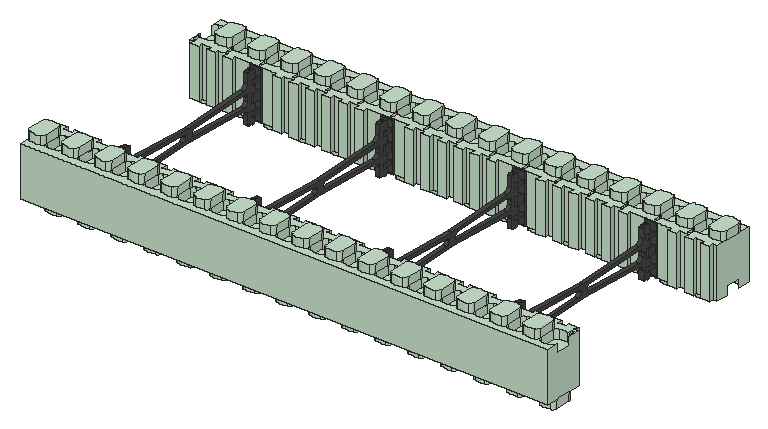
Revit family (continued)
Forms (in)
  Extrusion 51, void
    sketch origin (30, 15.25, 0) x (-1, 0, 0) y (0, -1, 0)
      loop
        arc (0, 0.72692) -> (0.04785, 0.57983) -> (0.17308, 0.48905) r 0.25
        arc (0.17308, 0.48905) -> (0.5, 0.4375) -> (0.82692, 0.48905) r 1.0625
        arc (0.82692, 0.48905) -> (0.95215, 0.57983) -> (1, 0.72692) r 0.25
        line (1, 0.72692) -> (1, 1.64808)
        arc (1, 1.64808) -> (0.95215, 1.79517) -> (0.82692, 1.88595) r 0.25
        arc (0.82692, 1.88595) -> (0.57908, 1.93455) -> (0.32677, 1.92328) r 1.0625
        arc (0.32677, 1.92328) -> (0.27615, 1.93729) -> (0.25408, 1.98495) r 0.0625
        line (0.25408, 1.98495) -> (0.25408, 2.20655)
    from 0 to 0.5
  Extrusion 52, void
    sketch origin (28, 15.25, 0) x (-1, 0, 0) y (0, -1, 0)
      loop
        line (0.25408, 2.20655) -> (0.08325, 2.20655) -> (0.08325, 1.86045)
        arc (0.08325, 1.86045) -> (0.07894, 1.83764) -> (0.0666, 1.81798) r 0.0625
        arc (0.0666, 1.81798) -> (0.01724, 1.73932) -> (0, 1.64808) r 0.25
        line (0, 1.64808) -> (0, 0.72692)
        arc (0, 0.72692) -> (0.04785, 0.57983) -> (0.17308, 0.48905) r 0.25
        arc (0.17308, 0.48905) -> (0.5, 0.4375) -> (0.82692, 0.48905) r 1.0625
        arc (0.82692, 0.48905) -> (0.95215, 0.57983) -> (1, 0.72692) r 0.25
        line (1, 0.72692) -> (1, 1.64808)
        arc (1, 1.64808) -> (0.95215, 1.79517) -> (0.82692, 1.88595) r 0.25
        arc (0.82692, 1.88595) -> (0.57908, 1.93455) -> (0.32677, 1.92328) r 1.0625
        arc (0.32677, 1.92328) -> (0.27615, 1.93729) -> (0.25408, 1.98495) r 0.0625
        line (0.25408, 1.98495) -> (0.25408, 2.20655)
    from 0 to 0.5
  Extrusion 53, void
    sketch origin (26, 15.25, 0) x (-1, 0, 0) y (0, -1, 0)
      loop
        line (0.25408, 2.20655) -> (0.08325, 2.20655) -> (0.08325, 1.86045)
        arc (0.08325, 1.86045) -> (0.07894, 1.83764) -> (0.0666, 1.81798) r 0.0625
        arc (0.0666, 1.81798) -> (0.01724, 1.73932) -> (0, 1.64808) r 0.25
        line (0, 1.64808) -> (0, 0.72692)
        arc (0, 0.72692) -> (0.04785, 0.57983) -> (0.17308, 0.48905) r 0.25
        arc (0.17308, 0.48905) -> (0.5, 0.4375) -> (0.82692, 0.48905) r 1.0625
        arc (0.82692, 0.48905) -> (0.95215, 0.57983) -> (1, 0.72692) r 0.25
        line (1, 0.72692) -> (1, 1.64808)
        arc (1, 1.64808) -> (0.95215, 1.79517) -> (0.82692, 1.88595) r 0.25
        arc (0.82692, 1.88595) -> (0.57908, 1.93455) -> (0.32677, 1.92328) r 1.0625
        arc (0.32677, 1.92328) -> (0.27615, 1.93729) -> (0.25408, 1.98495) r 0.0625
        line (0.25408, 1.98495) -> (0.25408, 2.20655)
    from 0 to 0.5
  Extrusion 54, void
    sketch origin (24, 15.25, 0) x (-1, 0, 0) y (0, -1, 0)
      loop
        line (0.25408, 2.20655) -> (0.08325, 2.20655) -> (0.08325, 1.86045)
        arc (0.08325, 1.86045) -> (0.07894, 1.83764) -> (0.0666, 1.81798) r 0.0625
        arc (0.0666, 1.81798) -> (0.01724, 1.73932) -> (0, 1.64808) r 0.25
        line (0, 1.64808) -> (0, 0.72692)
        arc (0, 0.72692) -> (0.04785, 0.57983) -> (0.17308, 0.48905) r 0.25
        arc (0.17308, 0.48905) -> (0.5, 0.4375) -> (0.82692, 0.48905) r 1.0625
        arc (0.82692, 0.48905) -> (0.95215, 0.57983) -> (1, 0.72692) r 0.25
        line (1, 0.72692) -> (1, 1.64808)
        arc (1, 1.64808) -> (0.95215, 1.79517) -> (0.82692, 1.88595) r 0.25
        arc (0.82692, 1.88595) -> (0.57908, 1.93455) -> (0.32677, 1.92328) r 1.0625
        arc (0.32677, 1.92328) -> (0.27615, 1.93729) -> (0.25408, 1.98495) r 0.0625
        line (0.25408, 1.98495) -> (0.25408, 2.20655)
    from 0 to 0.5
  Extrusion 55, void
    sketch origin (22, 15.25, 0) x (-1, 0, 0) y (0, -1, 0)
      loop
        line (0.25408, 2.20655) -> (0.08325, 2.20655) -> (0.08325, 1.86045)
        arc (0.08325, 1.86045) -> (0.07894, 1.83764) -> (0.0666, 1.81798) r 0.0625
        arc (0.0666, 1.81798) -> (0.01724, 1.73932) -> (0, 1.64808) r 0.25
        line (0, 1.64808) -> (0, 0.72692)
        arc (0, 0.72692) -> (0.04785, 0.57983) -> (0.17308, 0.48905) r 0.25
        arc (0.17308, 0.48905) -> (0.5, 0.4375) -> (0.82692, 0.48905) r 1.0625
        arc (0.82692, 0.48905) -> (0.95215, 0.57983) -> (1, 0.72692) r 0.25
        line (1, 0.72692) -> (1, 1.64808)
        arc (1, 1.64808) -> (0.95215, 1.79517) -> (0.82692, 1.88595) r 0.25
        arc (0.82692, 1.88595) -> (0.57908, 1.93455) -> (0.32677, 1.92328) r 1.0625
        arc (0.32677, 1.92328) -> (0.27615, 1.93729) -> (0.25408, 1.98495) r 0.0625
        line (0.25408, 1.98495) -> (0.25408, 2.20655)
    from 0 to 0.5
  Extrusion 56, void
    sketch origin (20, 15.25, 0) x (-1, 0, 0) y (0, -1, 0)
      loop
        line (0.25408, 2.20655) -> (0.08325, 2.20655) -> (0.08325, 1.86045)
        arc (0.08325, 1.86045) -> (0.07894, 1.83764) -> (0.0666, 1.81798) r 0.0625
        arc (0.0666, 1.81798) -> (0.01724, 1.73932) -> (0, 1.64808) r 0.25
        line (0, 1.64808) -> (0, 0.72692)
        arc (0, 0.72692) -> (0.04785, 0.57983) -> (0.17308, 0.48905) r 0.25
        arc (0.17308, 0.48905) -> (0.5, 0.4375) -> (0.82692, 0.48905) r 1.0625
        arc (0.82692, 0.48905) -> (0.95215, 0.57983) -> (1, 0.72692) r 0.25
        line (1, 0.72692) -> (1, 1.64808)
        arc (1, 1.64808) -> (0.95215, 1.79517) -> (0.82692, 1.88595) r 0.25
        arc (0.82692, 1.88595) -> (0.57908, 1.93455) -> (0.32677, 1.92328) r 1.0625
        arc (0.32677, 1.92328) -> (0.27615, 1.93729) -> (0.25408, 1.98495) r 0.0625
        line (0.25408, 1.98495) -> (0.25408, 2.20655)
    from 0 to 0.5
  Extrusion 57, void
    sketch origin (18, 15.25, 0) x (-1, 0, 0) y (0, -1, 0)
      loop
        line (0.25408, 2.20655) -> (0.08325, 2.20655) -> (0.08325, 1.86045)
        arc (0.08325, 1.86045) -> (0.07894, 1.83764) -> (0.0666, 1.81798) r 0.0625
        arc (0.0666, 1.81798) -> (0.01724, 1.73932) -> (0, 1.64808) r 0.25
        line (0, 1.64808) -> (0, 0.72692)
        arc (0, 0.72692) -> (0.04785, 0.57983) -> (0.17308, 0.48905) r 0.25
        arc (0.17308, 0.48905) -> (0.5, 0.4375) -> (0.82692, 0.48905) r 1.0625
        arc (0.82692, 0.48905) -> (0.95215, 0.57983) -> (1, 0.72692) r 0.25
        line (1, 0.72692) -> (1, 1.64808)
        arc (1, 1.64808) -> (0.95215, 1.79517) -> (0.82692, 1.88595) r 0.25
        arc (0.82692, 1.88595) -> (0.57908, 1.93455) -> (0.32677, 1.92328) r 1.0625
        arc (0.32677, 1.92328) -> (0.27615, 1.93729) -> (0.25408, 1.98495) r 0.0625
        line (0.25408, 1.98495) -> (0.25408, 2.20655)
    from 0 to 0.5
  Extrusion 58, void
    sketch origin (16, 15.25, 0) x (-1, 0, 0) y (0, -1, 0)
      loop
        line (0.25408, 2.20655) -> (0.08325, 2.20655) -> (0.08325, 1.86045)
        arc (0.08325, 1.86045) -> (0.07894, 1.83764) -> (0.0666, 1.81798) r 0.0625
        arc (0.0666, 1.81798) -> (0.01724, 1.73932) -> (0, 1.64808) r 0.25
        line (0, 1.64808) -> (0, 0.72692)
        arc (0, 0.72692) -> (0.04785, 0.57983) -> (0.17308, 0.48905) r 0.25
        arc (0.17308, 0.48905) -> (0.5, 0.4375) -> (0.82692, 0.48905) r 1.0625
        arc (0.82692, 0.48905) -> (0.95215, 0.57983) -> (1, 0.72692) r 0.25
        line (1, 0.72692) -> (1, 1.64808)
        arc (1, 1.64808) -> (0.95215, 1.79517) -> (0.82692, 1.88595) r 0.25
        arc (0.82692, 1.88595) -> (0.57908, 1.93455) -> (0.32677, 1.92328) r 1.0625
        arc (0.32677, 1.92328) -> (0.27615, 1.93729) -> (0.25408, 1.98495) r 0.0625
        line (0.25408, 1.98495) -> (0.25408, 2.20655)
    from 0 to 0.5
  Extrusion 59, void
    sketch origin (14, 15.25, 0) x (-1, 0, 0) y (0, -1, 0)
      loop
        line (0.25408, 2.20655) -> (0.08325, 2.20655) -> (0.08325, 1.86045)
        arc (0.08325, 1.86045) -> (0.07894, 1.83764) -> (0.0666, 1.81798) r 0.0625
        arc (0.0666, 1.81798) -> (0.01724, 1.73932) -> (0, 1.64808) r 0.25
        line (0, 1.64808) -> (0, 0.72692)
        arc (0, 0.72692) -> (0.04785, 0.57983) -> (0.17308, 0.48905) r 0.25
        arc (0.17308, 0.48905) -> (0.5, 0.4375) -> (0.82692, 0.48905) r 1.0625
        arc (0.82692, 0.48905) -> (0.95215, 0.57983) -> (1, 0.72692) r 0.25
        line (1, 0.72692) -> (1, 1.64808)
        arc (1, 1.64808) -> (0.95215, 1.79517) -> (0.82692, 1.88595) r 0.25
        arc (0.82692, 1.88595) -> (0.57908, 1.93455) -> (0.32677, 1.92328) r 1.0625
        arc (0.32677, 1.92328) -> (0.27615, 1.93729) -> (0.25408, 1.98495) r 0.0625
        line (0.25408, 1.98495) -> (0.25408, 2.20655)
    from 0 to 0.5
  Extrusion 60, void
    sketch origin (12, 15.25, 0) x (-1, 0, 0) y (0, -1, 0)
      loop
        line (0.25408, 2.20655) -> (0.08325, 2.20655) -> (0.08325, 1.86045)
        arc (0.08325, 1.86045) -> (0.07894, 1.83764) -> (0.0666, 1.81798) r 0.0625
        arc (0.0666, 1.81798) -> (0.01724, 1.73932) -> (0, 1.64808) r 0.25
        line (0, 1.64808) -> (0, 0.72692)
        arc (0, 0.72692) -> (0.04785, 0.57983) -> (0.17308, 0.48905) r 0.25
        arc (0.17308, 0.48905) -> (0.5, 0.4375) -> (0.82692, 0.48905) r 1.0625
        arc (0.82692, 0.48905) -> (0.95215, 0.57983) -> (1, 0.72692) r 0.25
        line (1, 0.72692) -> (1, 1.64808)
        arc (1, 1.64808) -> (0.95215, 1.79517) -> (0.82692, 1.88595) r 0.25
        arc (0.82692, 1.88595) -> (0.57908, 1.93455) -> (0.32677, 1.92328) r 1.0625
        arc (0.32677, 1.92328) -> (0.27615, 1.93729) -> (0.25408, 1.98495) r 0.0625
        line (0.25408, 1.98495) -> (0.25408, 2.20655)
    from 0 to 0.5
  Extrusion 61, void
    sketch origin (10, 15.25, 0) x (-1, 0, 0) y (0, -1, 0)
      loop
        line (0.25408, 2.20655) -> (0.08325, 2.20655) -> (0.08325, 1.86045)
        arc (0.08325, 1.86045) -> (0.07894, 1.83764) -> (0.0666, 1.81798) r 0.0625
        arc (0.0666, 1.81798) -> (0.01724, 1.73932) -> (0, 1.64808) r 0.25
        line (0, 1.64808) -> (0, 0.72692)
        arc (0, 0.72692) -> (0.04785, 0.57983) -> (0.17308, 0.48905) r 0.25
        arc (0.17308, 0.48905) -> (0.5, 0.4375) -> (0.82692, 0.48905) r 1.0625
        arc (0.82692, 0.48905) -> (0.95215, 0.57983) -> (1, 0.72692) r 0.25
        line (1, 0.72692) -> (1, 1.64808)
        arc (1, 1.64808) -> (0.95215, 1.79517) -> (0.82692, 1.88595) r 0.25
        arc (0.82692, 1.88595) -> (0.57908, 1.93455) -> (0.32677, 1.92328) r 1.0625
        arc (0.32677, 1.92328) -> (0.27615, 1.93729) -> (0.25408, 1.98495) r 0.0625
        line (0.25408, 1.98495) -> (0.25408, 2.20655)
    from 0 to 0.5
  Extrusion 62, void
    sketch origin (8, 15.25, 0) x (-1, 0, 0) y (0, -1, 0)
      loop
        line (0.25408, 2.20655) -> (0.08325, 2.20655) -> (0.08325, 1.86045)
        arc (0.08325, 1.86045) -> (0.07894, 1.83764) -> (0.0666, 1.81798) r 0.0625
        arc (0.0666, 1.81798) -> (0.01724, 1.73932) -> (0, 1.64808) r 0.25
        line (0, 1.64808) -> (0, 0.72692)
        arc (0, 0.72692) -> (0.04785, 0.57983) -> (0.17308, 0.48905) r 0.25
        arc (0.17308, 0.48905) -> (0.5, 0.4375) -> (0.82692, 0.48905) r 1.0625
        arc (0.82692, 0.48905) -> (0.95215, 0.57983) -> (1, 0.72692) r 0.25
        line (1, 0.72692) -> (1, 1.64808)
        arc (1, 1.64808) -> (0.95215, 1.79517) -> (0.82692, 1.88595) r 0.25
        arc (0.82692, 1.88595) -> (0.57908, 1.93455) -> (0.32677, 1.92328) r 1.0625
        arc (0.32677, 1.92328) -> (0.27615, 1.93729) -> (0.25408, 1.98495) r 0.0625
        line (0.25408, 1.98495) -> (0.25408, 2.20655)
    from 0 to 0.5
  Extrusion 63, void
    sketch origin (6, 15.25, 0) x (-1, 0, 0) y (0, -1, 0)
      loop
        line (0.25408, 2.20655) -> (0.08325, 2.20655) -> (0.08325, 1.86045)
        arc (0.08325, 1.86045) -> (0.07894, 1.83764) -> (0.0666, 1.81798) r 0.0625
        arc (0.0666, 1.81798) -> (0.01724, 1.73932) -> (0, 1.64808) r 0.25
        line (0, 1.64808) -> (0, 0.72692)
        arc (0, 0.72692) -> (0.04785, 0.57983) -> (0.17308, 0.48905) r 0.25
        arc (0.17308, 0.48905) -> (0.5, 0.4375) -> (0.82692, 0.48905) r 1.0625
        arc (0.82692, 0.48905) -> (0.95215, 0.57983) -> (1, 0.72692) r 0.25
        line (1, 0.72692) -> (1, 1.64808)
        arc (1, 1.64808) -> (0.95215, 1.79517) -> (0.82692, 1.88595) r 0.25
        arc (0.82692, 1.88595) -> (0.57908, 1.93455) -> (0.32677, 1.92328) r 1.0625
        arc (0.32677, 1.92328) -> (0.27615, 1.93729) -> (0.25408, 1.98495) r 0.0625
        line (0.25408, 1.98495) -> (0.25408, 2.20655)
    from 0 to 0.5
  Extrusion 64, void
    sketch origin (4, 15.25, 0) x (-1, 0, 0) y (0, -1, 0)
      loop
        line (0.25408, 2.20655) -> (0.08325, 2.20655) -> (0.08325, 1.86045)
        arc (0.08325, 1.86045) -> (0.07894, 1.83764) -> (0.0666, 1.81798) r 0.0625
        arc (0.0666, 1.81798) -> (0.01724, 1.73932) -> (0, 1.64808) r 0.25
        line (0, 1.64808) -> (0, 0.72692)
        arc (0, 0.72692) -> (0.04785, 0.57983) -> (0.17308, 0.48905) r 0.25
        arc (0.17308, 0.48905) -> (0.5, 0.4375) -> (0.82692, 0.48905) r 1.0625
        arc (0.82692, 0.48905) -> (0.95215, 0.57983) -> (1, 0.72692) r 0.25
        line (1, 0.72692) -> (1, 1.64808)
        arc (1, 1.64808) -> (0.95215, 1.79517) -> (0.82692, 1.88595) r 0.25
        arc (0.82692, 1.88595) -> (0.57908, 1.93455) -> (0.32677, 1.92328) r 1.0625
        arc (0.32677, 1.92328) -> (0.27615, 1.93729) -> (0.25408, 1.98495) r 0.0625
        line (0.25408, 1.98495) -> (0.25408, 2.20655)
    from 0 to 0.5
  Extrusion 65, void
    sketch origin (2, 15.25, 0) x (-1, 0, 0) y (0, -1, 0)
      loop
        line (0.25408, 2.20655) -> (0.08325, 2.20655) -> (0.08325, 1.86045)
        arc (0.08325, 1.86045) -> (0.07894, 1.83764) -> (0.0666, 1.81798) r 0.0625
        arc (0.0666, 1.81798) -> (0.01724, 1.73932) -> (0, 1.64808) r 0.25
        line (0, 1.64808) -> (0, 0.72692)
        arc (0, 0.72692) -> (0.04785, 0.57983) -> (0.17308, 0.48905) r 0.25
        arc (0.17308, 0.48905) -> (0.5, 0.4375) -> (0.82692, 0.48905) r 1.0625
        arc (0.82692, 0.48905) -> (0.95215, 0.57983) -> (1, 0.72692) r 0.25
        line (1, 0.72692) -> (1, 1.64808)
        arc (1, 1.64808) -> (0.95215, 1.79517) -> (0.82692, 1.88595) r 0.25
        arc (0.82692, 1.88595) -> (0.57908, 1.93455) -> (0.32677, 1.92328) r 1.0625
        arc (0.32677, 1.92328) -> (0.27615, 1.93729) -> (0.25408, 1.98495) r 0.0625
        line (0.25408, 1.98495) -> (0.25408, 2.20655)
    from 0 to 0.5
Cuts and joins
  Extrusion 2, Extrusion 3, Extrusion 4, Extrusion 5, Extrusion 6, Extrusion 7, Extrusion 8, Extrusion 9, Extrusion 10, Extrusion 11, Extrusion 12, Extrusion 13, Extrusion 14, Extrusion 15, Extrusion 16, Extrusion 17, Extrusion 18, Extrusion 19, Extrusion 20, Extrusion 21, Extrusion 22, Extrusion 23, Extrusion 24, Extrusion 25, Extrusion 26, Extrusion 27, Extrusion 28, Extrusion 29, Extrusion 30, Extrusion 31, Extrusion 32, Extrusion 33, Extrusion 34, Extrusion 35, Extrusion 36, Extrusion 37, Extrusion 38, Extrusion 39, Extrusion 40, Extrusion 41, Extrusion 42, Extrusion 43, Extrusion 44, Extrusion 45, Extrusion 46, Extrusion 47, Extrusion 48, Extrusion 49, Extrusion 50, Extrusion 51, Extrusion 52, Extrusion 53, Extrusion 54, Extrusion 55, Extrusion 56, Extrusion 57, Extrusion 58, Extrusion 59, Extrusion 60, Extrusion 61, Extrusion 62, Extrusion 63, Extrusion 64, Extrusion 65 cuts Extrusion 1
Dimensions and locks (in)
  locked: plane 3 "Center (Left/Right)" to plane 5 at 32
  locked: plane 5 to plane 3 "Center (Left/Right)" at 32
  locked: level to plane 6 at 3
  locked: plane 6 to level at 3
  locked: plane 4 to plane 1 "Center (Front/Back)" at 2.625
  plane 1 "Center (Front/Back)" to plane 4 to plane 7 to plane 8 = 0' - 2 5/8" locked, 0' - 10" locked, 0' - 2 5/8" locked
  aligned and locked: cut or joined group 1 (Extrusion 1, Extrusion 2, Extrusion 3, Extrusion 4, Extrusion 5, Extrusion 6, Extrusion 7, Extrusion 8, Extrusion 9, Extrusion 10, Extrusion 11, Extrusion 12, Extrusion 13, Extrusion 14, Extrusion 15, Extrusion 16, Extrusion 17, Extrusion 18, Extrusion 19, Extrusion 20, Extrusion 21, Extrusion 22, Extrusion 23, Extrusion 24, Extrusion 25, Extrusion 26, Extrusion 27, Extrusion 28, Extrusion 29, Extrusion 30, Extrusion 31, Extrusion 32, Extrusion 33, Extrusion 34, Extrusion 35, Extrusion 36, Extrusion 37, Extrusion 38, Extrusion 39, Extrusion 40, Extrusion 41, Extrusion 42, Extrusion 43, Extrusion 44, Extrusion 45, Extrusion 46, Extrusion 47, Extrusion 48, Extrusion 49, Extrusion 50, Extrusion 51, Extrusion 52, Extrusion 53, Extrusion 54, Extrusion 55, Extrusion 56, Extrusion 57, Extrusion 58, Extrusion 59, Extrusion 60, Extrusion 61, Extrusion 62, Extrusion 63, Extrusion 64, Extrusion 65) to nested 15
  aligned and locked: cut or joined group 1 to nested 14
  aligned and locked: cut or joined group 1 to nested 13
  aligned and locked: cut or joined group 1 to nested 12
  aligned and locked: cut or joined group 1 to nested 11
  aligned and locked: cut or joined group 1 to nested 10
  aligned and locked: cut or joined group 1 to nested 9
  aligned and locked: cut or joined group 1 to nested 8
  aligned and locked: cut or joined group 1 to nested 7
  aligned and locked: cut or joined group 1 to nested 6
  aligned and locked: cut or joined group 1 to nested 5
  aligned and locked: cut or joined group 1 to nested 3
  aligned and locked: cut or joined group 1 to nested 2
  aligned and locked: nested 1 to cut or joined group 1
  aligned and locked: cut or joined group 1 to nested 65
  aligned and locked: cut or joined group 1 to nested 68
  aligned and locked: cut or joined group 1 to nested 67
  aligned and locked: cut or joined group 1 to nested 66
  aligned: cut or joined group 1 to nested 65
Nested families (in)
  nested 1: "Interlock Tooth" at (0, 5.625, -15), type "Interlock Tooth"
  nested 2: "Interlock Tooth" at (2, 5.625, -15), type "Interlock Tooth"
  nested 3: "Interlock Tooth" at (4, 5.625, -15), type "Interlock Tooth"
  nested 4: "Interlock Tooth" at (6, 5.625, -15), type "Interlock Tooth"
  nested 5: "Interlock Tooth" at (8, 5.625, -15), type "Interlock Tooth"
  nested 6: "Interlock Tooth" at (10, 5.625, -15), type "Interlock Tooth"
  nested 7: "Interlock Tooth" at (12, 5.625, -15), type "Interlock Tooth"
  nested 8: "Interlock Tooth" at (14, 5.625, -15), type "Interlock Tooth"
  nested 9: "Interlock Tooth" at (16, 5.625, -15), type "Interlock Tooth"
  nested 10: "Interlock Tooth" at (18, 5.625, -15), type "Interlock Tooth"
  nested 11: "Interlock Tooth" at (20, 5.625, -15), type "Interlock Tooth"
  nested 12: "Interlock Tooth" at (22, 5.625, -15), type "Interlock Tooth"
  nested 13: "Interlock Tooth" at (24, 5.625, -15), type "Interlock Tooth"
  nested 14: "Interlock Tooth" at (26, 5.625, -15), type "Interlock Tooth"
  nested 15: "Interlock Tooth" at (28, 5.625, -15), type "Interlock Tooth"
  nested 16: "Interlock Tooth" at (30, 5.625, -15), type "Interlock Tooth"
  nested 17: "Interlock Tooth" at (3, 5.625, -18.5), type "Interlock Tooth"
  nested 18: "Interlock Tooth" at (5, 5.625, -18.5), type "Interlock Tooth"
  nested 19: "Interlock Tooth" at (7, 5.625, -18.5), type "Interlock Tooth"
  nested 20: "Interlock Tooth" at (9, 5.625, -18.5), type "Interlock Tooth"
  nested 21: "Interlock Tooth" at (1, 5.625, -18.5), type "Interlock Tooth"
  nested 22: "Interlock Tooth" at (11, 5.625, -18.5), type "Interlock Tooth"
  nested 23: "Interlock Tooth" at (13, 5.625, -18.5), type "Interlock Tooth"
  nested 24: "Interlock Tooth" at (15, 5.625, -18.5), type "Interlock Tooth"
  nested 25: "Interlock Tooth" at (17, 5.625, -18.5), type "Interlock Tooth"
  nested 26: "Interlock Tooth" at (19, 5.625, -18.5), type "Interlock Tooth"
  nested 27: "Interlock Tooth" at (21, 5.625, -18.5), type "Interlock Tooth"
  nested 28: "Interlock Tooth" at (23, 5.625, -18.5), type "Interlock Tooth"
  nested 29: "Interlock Tooth" at (25, 5.625, -18.5), type "Interlock Tooth"
  nested 30: "Interlock Tooth" at (27, 5.625, -18.5), type "Interlock Tooth"
  nested 31: "Interlock Tooth" at (29, 5.625, -18.5), type "Interlock Tooth"
  nested 32: "Interlock Tooth" at (31, 5.625, -18.5), type "Interlock Tooth"
  nested 33: "Interlock Tooth" at (32, 9.625, -15) x (-1, 0, 0) z (0, 0, 1), type "Interlock Tooth"
  nested 34: "Interlock Tooth" at (30, 9.625, -15) x (-1, 0, 0) z (0, 0, 1), type "Interlock Tooth"
  nested 35: "Interlock Tooth" at (28, 9.625, -15) x (-1, 0, 0) z (0, 0, 1), type "Interlock Tooth"
  nested 36: "Interlock Tooth" at (26, 9.625, -15) x (-1, 0, 0) z (0, 0, 1), type "Interlock Tooth"
  nested 37: "Interlock Tooth" at (24, 9.625, -15) x (-1, 0, 0) z (0, 0, 1), type "Interlock Tooth"
  nested 38: "Interlock Tooth" at (22, 9.625, -15) x (-1, 0, 0) z (0, 0, 1), type "Interlock Tooth"
  nested 39: "Interlock Tooth" at (20, 9.625, -15) x (-1, 0, 0) z (0, 0, 1), type "Interlock Tooth"
  nested 40: "Interlock Tooth" at (18, 9.625, -15) x (-1, 0, 0) z (0, 0, 1), type "Interlock Tooth"
  nested 41: "Interlock Tooth" at (16, 9.625, -15) x (-1, 0, 0) z (0, 0, 1), type "Interlock Tooth"
  nested 42: "Interlock Tooth" at (14, 9.625, -15) x (-1, 0, 0) z (0, 0, 1), type "Interlock Tooth"
  nested 43: "Interlock Tooth" at (12, 9.625, -15) x (-1, 0, 0) z (0, 0, 1), type "Interlock Tooth"
  nested 44: "Interlock Tooth" at (10, 9.625, -15) x (-1, 0, 0) z (0, 0, 1), type "Interlock Tooth"
  nested 45: "Interlock Tooth" at (8, 9.625, -15) x (-1, 0, 0) z (0, 0, 1), type "Interlock Tooth"
  nested 46: "Interlock Tooth" at (6, 9.625, -15) x (-1, 0, 0) z (0, 0, 1), type "Interlock Tooth"
  nested 47: "Interlock Tooth" at (4, 9.625, -15) x (-1, 0, 0) z (0, 0, 1), type "Interlock Tooth"
  nested 48: "Interlock Tooth" at (2, 9.625, -15) x (-1, 0, 0) z (0, 0, 1), type "Interlock Tooth"
  nested 49: "Interlock Tooth" at (29, 9.625, -18.5) x (-1, 0, 0) z (0, 0, 1), type "Interlock Tooth"
  nested 50: "Interlock Tooth" at (27, 9.625, -18.5) x (-1, 0, 0) z (0, 0, 1), type "Interlock Tooth"
  nested 51: "Interlock Tooth" at (25, 9.625, -18.5) x (-1, 0, 0) z (0, 0, 1), type "Interlock Tooth"
  nested 52: "Interlock Tooth" at (23, 9.625, -18.5) x (-1, 0, 0) z (0, 0, 1), type "Interlock Tooth"
  nested 53: "Interlock Tooth" at (31, 9.625, -18.5) x (-1, 0, 0) z (0, 0, 1), type "Interlock Tooth"
  nested 54: "Interlock Tooth" at (21, 9.625, -18.5) x (-1, 0, 0) z (0, 0, 1), type "Interlock Tooth"
  nested 55: "Interlock Tooth" at (19, 9.625, -18.5) x (-1, 0, 0) z (0, 0, 1), type "Interlock Tooth"
  nested 56: "Interlock Tooth" at (17, 9.625, -18.5) x (-1, 0, 0) z (0, 0, 1), type "Interlock Tooth"
  nested 57: "Interlock Tooth" at (15, 9.625, -18.5) x (-1, 0, 0) z (0, 0, 1), type "Interlock Tooth"
  nested 58: "Interlock Tooth" at (13, 9.625, -18.5) x (-1, 0, 0) z (0, 0, 1), type "Interlock Tooth"
  nested 59: "Interlock Tooth" at (11, 9.625, -18.5) x (-1, 0, 0) z (0, 0, 1), type "Interlock Tooth"
  nested 60: "Interlock Tooth" at (9, 9.625, -18.5) x (-1, 0, 0) z (0, 0, 1), type "Interlock Tooth"
  nested 61: "Interlock Tooth" at (7, 9.625, -18.5) x (-1, 0, 0) z (0, 0, 1), type "Interlock Tooth"
  nested 62: "Interlock Tooth" at (5, 9.625, -18.5) x (-1, 0, 0) z (0, 0, 1), type "Interlock Tooth"
  nested 63: "Interlock Tooth" at (3, 9.625, -18.5) x (-1, 0, 0) z (0, 0, 1), type "Interlock Tooth"
  nested 64: "Interlock Tooth" at (1, 9.625, -18.5) x (-1, 0, 0) z (0, 0, 1), type "Interlock Tooth"
  nested 65: "NUDURA Height Adjuster Diamond Pattern" at (24, 20.875, 0), type "NUDURA Height Adjuster Diamond Pattern"
  nested 66: "NUDURA Height Adjuster Diamond Pattern" at (16, 20.875, 0), type "NUDURA Height Adjuster Diamond Pattern"
  nested 67: "NUDURA Height Adjuster Diamond Pattern" at (8, 20.875, 0), type "NUDURA Height Adjuster Diamond Pattern"
  nested 68: "NUDURA Height Adjuster Diamond Pattern" at (0, 20.875, 0), type "NUDURA Height Adjuster Diamond Pattern"
  nested 69: "NUDURA Height Adjuster Diamond Pattern" at (24, -5.625, 0), type "NUDURA Height Adjuster Diamond Pattern"
  nested 70: "NUDURA Height Adjuster Diamond Pattern" at (16, -5.625, 0), type "NUDURA Height Adjuster Diamond Pattern"
  nested 71: "NUDURA Height Adjuster Diamond Pattern" at (8, -5.625, 0), type "NUDURA Height Adjuster Diamond Pattern"
  nested 72: "NUDURA Height Adjuster Diamond Pattern" at (0, -5.625, 0), type "NUDURA Height Adjuster Diamond Pattern"
  nested 73: "NUDURA 10-inch Height Adjuster Web" at (4, 7.625, 0), type "NUDURA 10-inch Height Adjuster Web"
  nested 74: "NUDURA 10-inch Height Adjuster Web" at (12, 7.625, 0), type "NUDURA 10-inch Height Adjuster Web"
  nested 75: "NUDURA 10-inch Height Adjuster Web" at (20, 7.625, 0), type "NUDURA 10-inch Height Adjuster Web"
  nested 76: "NUDURA 10-inch Height Adjuster Web" at (28, 7.625, 0), type "NUDURA 10-inch Height Adjuster Web"
Definition of nested family "Interlock Tooth"
  Reference planes (in)
    plane 1 "Center (Front/Back)": y = 0
    plane 2: z = 0
    plane 3 "Center (Left/Right)": x = 0
    plane 4: z = 18
    plane 5: z = 18.5
    plane 6: z = -0.5
  Forms (in)
    Extrusion 1, solid, material "NUDURA Expanded Polystyrene Foam Insulation"
      sketch origin (0, -8.875, 0) x (1, 0, 0) y (0, 1, 0)
        loop
          arc (0, 3.97692) -> (0.04785, 3.82983) -> (0.17308, 3.73905) r 0.25
          arc (0.17308, 3.73905) -> (0.5, 3.6875) -> (0.82692, 3.73905) r 1.0625
          arc (0.82692, 3.73905) -> (0.95215, 3.82983) -> (1, 3.97692) r 0.25
          line (1, 3.97692) -> (1, 4.89808)
          arc (1, 4.89808) -> (0.95215, 5.04517) -> (0.82692, 5.13595) r 0.25
          arc (0.82692, 5.13595) -> (0.5, 5.1875) -> (0.17308, 5.13595) r 1.0625
          arc (0.17308, 5.13595) -> (0.04785, 5.04517) -> (0, 4.89808) r 0.25
          line (0, 4.89808) -> (0, 3.97692)
      from 18 to 18.5
  Dimensions and locks (in)
    locked: plane 4 to level at 18
    locked: plane 4 to plane 5 at 0.5
    locked: plane 6 to level at 0.5
Definition of nested family "NUDURA 10-inch Height Adjuster Web"
  Reference planes (in)
    plane 1 "Center (Front/Back)": y = 0
    plane 2: z = 0
    plane 3 "Center (Left/Right)": x = 0
    plane 4: z = 3
    plane 5: z = 0.5
    plane 6: z = 2.5
    plane 7: z = 2.25
    plane 8: z = 0.75
    plane 9: z = 1.25
    plane 10: z = 1.75
  Forms (in)
    Extrusion 1, solid, material "High Density Polystyrene"
      sketch origin (0, 0.2725, 0) x (0, 1, 0) y (0, 0, 1)
        loop
          line (4.9775, 0) -> (4.9775, 3)
          arc (4.9775, 3) -> (4.94863, 2.98025) -> (4.9375, 2.94708) r 0.055
          line (4.9375, 2.94708) -> (4.9375, 0.05292)
          arc (4.9375, 0.05292) -> (4.94863, 0.01975) -> (4.9775, 0) r 0.055
        loop
          arc (-5.5225, 0) -> (-5.49362, 0.01975) -> (-5.48249, 0.05292) r 0.055
          line (-5.48249, 0.05292) -> (-5.48249, 2.94708)
          arc (-5.48249, 2.94708) -> (-5.49362, 2.98025) -> (-5.5225, 3) r 0.055
          line (-5.5225, 3) -> (-5.5225, 0)
      from -0.36328 to 0.36328
    Extrusion 2, solid, material "High Density Polystyrene"
      sketch origin (0, 0.02, 0) x (0, 1, 0) y (0, 0, 1)
        loop
          arc (4.19321, 0.93951) -> (4.39675, 0.8472) -> (4.48, 0.6398) r 0.3
          line (4.48, 0.6398) -> (4.48, 0.07893) -> (4.58, 0.07893)
          arc (4.58, 0.07893) -> (4.59433, 0.04433) -> (4.62892, 0.03) r 0.04893
          line (4.62892, 0.03) -> (4.78, 0.03) -> (4.81, 0) -> (4.9, 0) -> (4.98, 0.08) -> (4.98, 2.92) -> (4.9, 3) -> (4.81, 3) -> (4.78, 2.97) -> (4.62892, 2.97)
          arc (4.62892, 2.97) -> (4.59433, 2.95567) -> (4.58, 2.92107) r 0.04893
          line (4.58, 2.92107) -> (4.48, 2.92107) -> (4.48, 2.35913)
          arc (4.48, 2.35913) -> (4.40075, 2.15599) -> (4.20488, 2.06016) r 0.3
          line (4.20488, 2.06016) -> (-0.02, 1.87566) -> (-4.24488, 2.06016)
          arc (-4.24488, 2.06016) -> (-4.44076, 2.15599) -> (-4.52, 2.35913) r 0.3
          line (-4.52, 2.35913) -> (-4.52, 2.92107) -> (-4.62, 2.92107)
          arc (-4.62, 2.92107) -> (-4.63433, 2.95567) -> (-4.66893, 2.97) r 0.04893
          line (-4.66893, 2.97) -> (-4.82, 2.97) -> (-4.85, 3) -> (-4.94, 3) -> (-5.02, 2.92) -> (-5.02, 0.08) -> (-4.94, 0) -> (-4.85, 0) -> (-4.82, 0.03) -> (-4.66893, 0.03)
          arc (-4.66893, 0.03) -> (-4.63433, 0.04433) -> (-4.62, 0.07893) r 0.04893
          line (-4.62, 0.07893) -> (-4.52, 0.07893) -> (-4.52, 0.6398)
          arc (-4.52, 0.6398) -> (-4.43672, 0.84724) -> (-4.23312, 0.93951) r 0.3
          line (-4.23312, 0.93951) -> (-0.00341, 1.12457) -> (4.19321, 0.93951)
        loop
          line (4.22017, 1.86858) -> (0.36341, 1.71691)
          arc (0.36341, 1.71691) -> (0.23283, 1.65303) -> (0.18, 1.5176) r 0.2
          line (0.18, 1.5176) -> (0.18, 1.4824)
          arc (0.18, 1.4824) -> (0.23283, 1.34697) -> (0.36341, 1.28309) r 0.2
          line (0.36341, 1.28309) -> (4.22017, 1.13142)
          arc (4.22017, 1.13142) -> (4.40327, 1.20101) -> (4.48, 1.38123) r 0.25
          line (4.48, 1.38123) -> (4.48, 1.61877)
          arc (4.48, 1.61877) -> (4.40327, 1.79899) -> (4.22017, 1.86858) r 0.25
        loop
          line (-0.40341, 1.71691) -> (-4.26018, 1.86858)
          arc (-4.26018, 1.86858) -> (-4.44327, 1.79899) -> (-4.52, 1.61877) r 0.25
          line (-4.52, 1.61877) -> (-4.52, 1.38123)
          arc (-4.52, 1.38123) -> (-4.44327, 1.20101) -> (-4.26018, 1.13142) r 0.25
          line (-4.26018, 1.13142) -> (-0.40341, 1.28309)
          arc (-0.40341, 1.28309) -> (-0.27283, 1.34697) -> (-0.22, 1.4824) r 0.2
          line (-0.22, 1.4824) -> (-0.22, 1.5176)
          arc (-0.22, 1.5176) -> (-0.27283, 1.65303) -> (-0.40341, 1.71691) r 0.2
      from -0.125 to 0.125
    Extrusion 3, void
      sketch origin (0, 2, -0.08679) x (-1, 0, 0) y (0, -1, 0)
        loop
          arc (-0.25, -2.79249) -> (-0.22584, -2.73416) -> (-0.1675, -2.71) r 0.0825
          line (-0.1675, -2.71) -> (-0.25, -2.71) -> (-0.25, -2.79249)
      from 0.58679 to 2.58679
    Extrusion 4, void
      sketch origin (0, -2, 0) x (1, 0, 0) y (0, 1, 0)
        loop
          arc (-0.25, -2.79249) -> (-0.22584, -2.73416) -> (-0.1675, -2.71) r 0.0825
          line (-0.1675, -2.71) -> (-0.25, -2.71) -> (-0.25, -2.79249)
      from 0.5 to 2.5
    Extrusion 5, void
      sketch origin (0, -2, 0) x (-1, 0, 0) y (0, -1, 0)
        loop
          line (-0.25, 2.79249) -> (-0.25, 2.71) -> (-0.1675, 2.71)
          arc (-0.1675, 2.71) -> (-0.22584, 2.73416) -> (-0.25, 2.79249) r 0.0825
      from 0.5 to 2.5
    Extrusion 6, solid, material "High Density Polystyrene"
      sketch origin (0, 0, 0) x (0, 1, 0) y (0, 0, 1)
        loop
          line (5.21, 2.5) -> (4.71, 2.5) -> (4.71, 2.25) -> (5.21, 2.25) -> (5.21, 2.5)
        loop
          line (5.21, 1.75) -> (4.71, 1.75) -> (4.71, 1.25) -> (5.21, 1.25) -> (5.21, 1.75)
        loop
          line (5.21, 0.75) -> (4.71, 0.75) -> (4.71, 0.5) -> (5.21, 0.5) -> (5.21, 0.75)
        loop
          line (-5.21, 2.5) -> (-5.21, 2.25) -> (-4.71, 2.25) -> (-4.71, 2.5) -> (-5.21, 2.5)
        loop
          line (-5.21, 1.75) -> (-5.21, 1.25) -> (-4.71, 1.25) -> (-4.71, 1.75) -> (-5.21, 1.75)
        loop
          line (-5.21, 0.75) -> (-5.21, 0.5) -> (-4.71, 0.5) -> (-4.71, 0.75) -> (-5.21, 0.75)
      from -0.25 to 0.25
    Extrusion 7, void
      sketch origin (0, 2, -0.08679) x (1, 0, 0) y (0, 1, 0)
        loop
          line (-0.25, 2.79249) -> (-0.25, 2.71) -> (-0.1675, 2.71)
          arc (-0.1675, 2.71) -> (-0.22584, 2.73416) -> (-0.25, 2.79249) r 0.0825
      from 0.58679 to 2.58679
  Cuts and joins
    Extrusion 3, Extrusion 4, Extrusion 5, Extrusion 7 cuts Extrusion 6
    Extrusion 7 cuts Extrusion 1
Definition of nested family "NUDURA Height Adjuster Diamond Pattern"
  Reference planes (in)
    plane 1 "Center (Front/Back)": y = 0
    plane 2: z = 0
    plane 3 "Center (Left/Right)": x = 0
    plane 4: z = 3
  Lines and regions (in)
    model lines
      curve 1: line (8, -5.625, 3) -> (8, -5.625, 0)
      curve 2: line (6, -5.625, 3) -> (6, -5.625, 0)
      curve 3: line (2, -5.625, 3) -> (2, -5.625, 0)
      curve 4: line (4.634, -5.625, 2.51517) -> (4.29059, -5.625, 2.85858)
      curve 5: arc (4.634, -5.625, 1.98484) -> (4.74384, -5.625, 2.25) -> (4.634, -5.625, 2.51517) r 0.375
      curve 6: line (4.29059, -5.625, 1.64142) -> (4.634, -5.625, 1.98484)
      curve 7: line (3.35367, -5.625, 1.98484) -> (3.69709, -5.625, 1.64142)
      curve 8: arc (3.35367, -5.625, 2.51517) -> (3.24384, -5.625, 2.25) -> (3.35367, -5.625, 1.98484) r 0.375
      curve 9: line (3.69709, -5.625, 2.85858) -> (3.35367, -5.625, 2.51517)
      curve 10: arc (4.17062, -5.625, 2.80178) -> (3.99384, -5.625, 2.875) -> (3.81706, -5.625, 2.80178) r 0.25
      curve 11: line (3.81706, -5.625, 2.80178) -> (3.44206, -5.625, 2.42678)
      curve 12: arc (3.44206, -5.625, 2.42678) -> (3.36884, -5.625, 2.25) -> (3.44206, -5.625, 2.07322) r 0.25
      curve 13: line (3.44206, -5.625, 2.07322) -> (3.81706, -5.625, 1.69822)
      curve 14: arc (3.81706, -5.625, 1.69822) -> (3.99384, -5.625, 1.625) -> (4.17062, -5.625, 1.69822) r 0.25
      curve 15: line (4.17062, -5.625, 1.69822) -> (4.54562, -5.625, 2.07322)
      curve 16: arc (4.54562, -5.625, 2.07322) -> (4.61884, -5.625, 2.25) -> (4.54562, -5.625, 2.42678) r 0.25
      curve 17: line (4.54562, -5.625, 2.42678) -> (4.17062, -5.625, 2.80178)
      curve 18: arc (3.69709, -5.625, 1.35858) -> (3.75567, -5.625, 1.5) -> (3.69709, -5.625, 1.64142) r 0.2
      curve 19: line (3.69709, -5.625, 1.35858) -> (3.35367, -5.625, 1.01517)
      curve 20: arc (3.35367, -5.625, 1.01517) -> (3.24384, -5.625, 0.75) -> (3.35367, -5.625, 0.48484) r 0.375
      curve 21: line (3.35367, -5.625, 0.48484) -> (3.72867, -5.625, 0.10984)
      curve 22: arc (3.72867, -5.625, 0.10984) -> (3.99384, -5.625, 0) -> (4.259, -5.625, 0.10984) r 0.375
      curve 23: line (4.259, -5.625, 0.10984) -> (4.634, -5.625, 0.48484)
      curve 24: arc (4.634, -5.625, 0.48484) -> (4.74384, -5.625, 0.75) -> (4.634, -5.625, 1.01517) r 0.375
      curve 25: line (4.634, -5.625, 1.01517) -> (4.29059, -5.625, 1.35858)
      curve 26: arc (4.29059, -5.625, 1.64142) -> (4.23201, -5.625, 1.5) -> (4.29059, -5.625, 1.35858) r 0.2
      curve 27: arc (4.17062, -5.625, 1.30178) -> (3.99384, -5.625, 1.375) -> (3.81706, -5.625, 1.30178) r 0.25
      curve 28: line (4.54562, -5.625, 0.92678) -> (4.17062, -5.625, 1.30178)
      curve 29: arc (4.54562, -5.625, 0.57322) -> (4.61884, -5.625, 0.75) -> (4.54562, -5.625, 0.92678) r 0.25
      curve 30: line (4.17062, -5.625, 0.19822) -> (4.54562, -5.625, 0.57322)
      curve 31: arc (3.81706, -5.625, 0.19822) -> (3.99384, -5.625, 0.125) -> (4.17062, -5.625, 0.19822) r 0.25
      curve 32: line (3.44206, -5.625, 0.57322) -> (3.81706, -5.625, 0.19822)
      curve 33: arc (3.44206, -5.625, 0.92678) -> (3.36884, -5.625, 0.75) -> (3.44206, -5.625, 0.57322) r 0.25
      curve 34: line (3.81706, -5.625, 1.30178) -> (3.44206, -5.625, 0.92678)
      curve 35: arc (4.259, -5.625, 2.89017) -> (3.99384, -5.625, 3) -> (3.72867, -5.625, 2.89017) r 0.375
